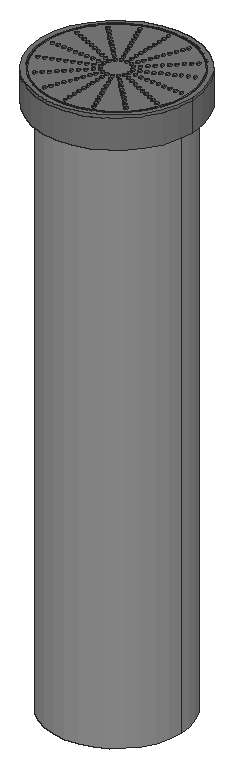
Revit family "Civil_Drainage_ACO_StormBrixx_Additional_Access_Chamber wm", category Generic Models, Revit 2013
Parameters
  pipe fitting = Generic Plastic Pipe
  e-mail technical = "technical@aco.co.uk"
  e-mail Sales = "customersupport@aco.co.uk"
  Watermarked With = "BIM Manager Premium Suite"
  Watermarked By = "www.aco.co.uk"
  Watermark 1 = "This file is the property of ACO Technologies PLC"
  Watermark 2 = "This file is water marked and users are prohibited to reproduce, adapt, distribute this information"
  Distributed by = "www.aco.co.uk"
  Current Revision = 1
  Manufacturer Address = "ACO Business Park, Hitchin Road, Shefford, Bedfordshire, SG17 5TE, United Kingdom"
  Access Module Weight (kg) = 32
  URL = "www.aco.co.uk"
  Type Comments = "Access Chamber Module"
  Telephone = "+44 (0)1462 816666"
  Access Module Recycled Material Content = "0%"
  Access Module Recyclable = "Fully Recyclable"
  Product Website = "www.stormbrixx.co.uk"
  Product Type = "Stormwater attenuation & infiltration"
  Product Range = "ACO StormBrixx"
  Access Module Product Code = "27034"
  Model = "StormBrixx accessories"
  Access Module Material = "High Density Polyethylene"
  Manufacturer = "ACO Technologies plc"
  Maintenance Guidelines = "http://www.aco.co.uk/download.php?id=493"
  Length = 600 mm
  Keynote = "R17:315"
  Installation Guidelines = "http://www.aco.co.uk/download.php?id=493"
  Height [instance] = 2000 mm
  Fax = "+44 (0)1462 815895"
  Access Module Dimensions = "594mm x 594mm x 610mm (LxWxH)"
  Description = "Access Chamber Module"
  Depth = 110 mm
  Cost = 0
  Access Module Colour = "Black"
  Assembly Code = "D2090300"
  Access Cover Weight (kg) = 38
  Access Cover Recycled Material Content = "Between 40% - 90%"
  Access Cover Recyclable = "Fully Recyclable"
  Access Cover Product Code = "314056"
  Access Cover Material = "Ductile Iron"
  Access Cover Dimensions = "528mm x 110mm (Diameter x Height)"
Reference planes
  plane 1 "Center (Front/Back)": y = 0
  plane 2: z = 0
  plane 3 "Center (Left/Right)": x = 0
  plane 4: y = 300
  plane 5: y = -300
  plane 6: x = -300
  plane 7: x = 300
  plane 8: z = -2000
  plane 9: z = -110
  plane 10: z = -10
  plane 11: z = -35
Forms (mm)
  Extrusion 1, solid, material "ACO_Ductile_IRON"
    sketch origin (0, 0, 0) x (1, 0, 0) y (0, 1, 0)
      loop
        circle (0, 0) r 264
    from -110 to -10
  Extrusion 2, solid, material "ACO_Ductile_IRON"
    sketch origin (0, 0, 0) x (1, 0, 0) y (0, 1, 0)
      loop
        circle (0, 0) r 247.017
    from -35 to 0
  Extrusion 3, solid, material "ACO_Ductile_IRON"
    sketch origin (0, 0, 0) x (1, 0, 0) y (0, 1, 0)
      loop
        circle (0, 0) r 264
      loop
        circle (0, 0) r 249
    from 0 to -35
  Extrusion 4, void, detail levels medium+fine
    sketch origin (0, 0, 0) x (0, 1, 0) y (1, 0, 0)
      loop
        circle (104.746, 0) r 5
      loop
        circle (84.746, 0) r 5
      loop
        circle (64.746, 0) r 5
      loop
        circle (44.746, 0) r 5
      loop
        circle (0, 0) r 245
      loop
        circle (0, -104.746) r 5
      loop
        circle (0, -84.746) r 5
      loop
        circle (0, -64.746) r 5
      loop
        circle (0, -44.746) r 5
      loop
        circle (-104.746, 0) r 5
      loop
        circle (-84.746, 0) r 5
      loop
        circle (-64.746, 0) r 5
      loop
        circle (-44.746, 0) r 5
      loop
        circle (0, 104.746) r 5
      loop
        circle (0, 84.746) r 5
      loop
        circle (0, 64.746) r 5
      loop
        circle (0, 44.746) r 5
      loop
        circle (74.067, 74.067) r 5
      loop
        circle (59.924, 59.924) r 5
      loop
        circle (45.782, 45.782) r 5
      loop
        circle (31.64, 31.64) r 5
      loop
        circle (96.773, 40.085) r 5
      loop
        circle (78.295, 32.431) r 5
      loop
        circle (59.817, 24.777) r 5
      loop
        circle (41.34, 17.124) r 5
      loop
        circle (40.085, 96.773) r 5
      loop
        circle (32.431, 78.295) r 5
      loop
        circle (24.777, 59.817) r 5
      loop
        circle (17.124, 41.34) r 5
      loop
        circle (74.067, -74.067) r 5
      loop
        circle (59.924, -59.924) r 5
      loop
        circle (45.782, -45.782) r 5
      loop
        circle (31.64, -31.64) r 5
      loop
        circle (96.773, -40.085) r 5
      loop
        circle (78.295, -32.431) r 5
      loop
        circle (59.817, -24.777) r 5
      loop
        circle (41.34, -17.124) r 5
      loop
        circle (40.085, -96.773) r 5
      loop
        circle (32.431, -78.295) r 5
      loop
        circle (24.777, -59.817) r 5
      loop
        circle (17.124, -41.34) r 5
      loop
        circle (-74.067, -74.067) r 5
      loop
        circle (-59.924, -59.924) r 5
      loop
        circle (-45.782, -45.782) r 5
      loop
        circle (-31.64, -31.64) r 5
      loop
        circle (-96.773, -40.085) r 5
      loop
        circle (-78.295, -32.431) r 5
      loop
        circle (-59.817, -24.777) r 5
      loop
        circle (-41.34, -17.124) r 5
      loop
        circle (-40.085, -96.773) r 5
      loop
        circle (-32.431, -78.295) r 5
      loop
        circle (-24.777, -59.817) r 5
      loop
        circle (-17.124, -41.34) r 5
      loop
        circle (-74.067, 74.067) r 5
      loop
        circle (-59.924, 59.924) r 5
      loop
        circle (-45.782, 45.782) r 5
      loop
        circle (-31.64, 31.64) r 5
      loop
        circle (-96.773, 40.085) r 5
      loop
        circle (-78.295, 32.431) r 5
      loop
        circle (-59.817, 24.777) r 5
      loop
        circle (-41.34, 17.124) r 5
      loop
        circle (-40.085, 96.773) r 5
      loop
        circle (-32.431, 78.295) r 5
      loop
        circle (-24.777, 59.817) r 5
      loop
        circle (-17.124, 41.34) r 5
      loop
        circle (152.205, 63.046) r 5
      loop
        circle (133.728, 55.392) r 5
      loop
        circle (115.25, 47.738) r 5
      loop
        circle (189.161, 78.353) r 5
      loop
        circle (170.683, 70.699) r 5
      loop
        circle (116.493, 116.493) r 5
      loop
        circle (102.351, 102.351) r 5
      loop
        circle (88.209, 88.209) r 5
      loop
        circle (158.919, 158.919) r 5
      loop
        circle (144.777, 144.777) r 5
      loop
        circle (130.635, 130.635) r 5
      loop
        circle (207.638, 86.007) r 5
      loop
        circle (164.746, 0) r 5
      loop
        circle (144.746, 0) r 5
      loop
        circle (124.746, 0) r 5
      loop
        circle (224.746, 0) r 5
      loop
        circle (204.746, 0) r 5
      loop
        circle (184.746, 0) r 5
      loop
        circle (66.33, 148.435) r 5
      loop
        circle (58.676, 129.958) r 5
      loop
        circle (51.023, 111.48) r 5
      loop
        circle (92.575, 200.098) r 5
      loop
        circle (84.921, 181.62) r 5
      loop
        circle (77.268, 163.143) r 5
      loop
        circle (0, 164.746) r 5
      loop
        circle (0, 144.746) r 5
      loop
        circle (0, 124.746) r 5
      loop
        circle (0, 224.746) r 5
      loop
        circle (0, 204.746) r 5
      loop
        circle (0, 184.746) r 5
      loop
        circle (-63.046, 152.205) r 5
      loop
        circle (-55.392, 133.728) r 5
      loop
        circle (-47.738, 115.25) r 5
      loop
        circle (-86.007, 207.638) r 5
      loop
        circle (-78.353, 189.161) r 5
      loop
        circle (-70.699, 170.683) r 5
      loop
        circle (-116.493, 116.493) r 5
      loop
        circle (-102.351, 102.351) r 5
      loop
        circle (-88.209, 88.209) r 5
      loop
        circle (-158.919, 158.919) r 5
      loop
        circle (-144.777, 144.777) r 5
      loop
        circle (-130.635, 130.635) r 5
      loop
        circle (-152.205, 63.046) r 5
      loop
        circle (-133.728, 55.392) r 5
      loop
        circle (-115.25, 47.738) r 5
      loop
        circle (-207.638, 86.007) r 5
      loop
        circle (-189.161, 78.353) r 5
      loop
        circle (-170.683, 70.699) r 5
      loop
        circle (-164.746, 0) r 5
      loop
        circle (-144.746, 0) r 5
      loop
        circle (-124.746, 0) r 5
      loop
        circle (-224.746, 0) r 5
      loop
        circle (-204.746, 0) r 5
      loop
        circle (-184.746, 0) r 5
      loop
        circle (-152.205, -63.046) r 5
      loop
        circle (-133.728, -55.392) r 5
      loop
        circle (-115.25, -47.738) r 5
      loop
        circle (-207.638, -86.007) r 5
      loop
        circle (-189.161, -78.353) r 5
      loop
        circle (-170.683, -70.699) r 5
      loop
        circle (-116.493, -116.493) r 5
      loop
        circle (-102.351, -102.351) r 5
      loop
        circle (-88.209, -88.209) r 5
      loop
        circle (-158.919, -158.919) r 5
      loop
        circle (-144.777, -144.777) r 5
      loop
        circle (-130.635, -130.635) r 5
      loop
        circle (-63.046, -152.205) r 5
      loop
        circle (-55.392, -133.728) r 5
      loop
        circle (-47.738, -115.25) r 5
      loop
        circle (-86.007, -207.638) r 5
      loop
        circle (-78.353, -189.161) r 5
      loop
        circle (-70.699, -170.683) r 5
      loop
        circle (0, -164.746) r 5
      loop
        circle (0, -144.746) r 5
      loop
        circle (0, -124.746) r 5
      loop
        circle (0, -224.746) r 5
      loop
        circle (0, -204.746) r 5
      loop
        circle (0, -184.746) r 5
      loop
        circle (63.046, -152.205) r 5
      loop
        circle (55.392, -133.728) r 5
      loop
        circle (47.738, -115.25) r 5
      loop
        circle (86.007, -207.638) r 5
      loop
        circle (78.353, -189.161) r 5
      loop
        circle (70.699, -170.683) r 5
      loop
        circle (116.493, -116.493) r 5
      loop
        circle (102.351, -102.351) r 5
      loop
        circle (88.209, -88.209) r 5
      loop
        circle (158.919, -158.919) r 5
      loop
        circle (144.777, -144.777) r 5
      loop
        circle (130.635, -130.635) r 5
      loop
        circle (152.205, -63.046) r 5
      loop
        circle (133.728, -55.392) r 5
      loop
        circle (115.25, -47.738) r 5
      loop
        circle (207.638, -86.007) r 5
      loop
        circle (189.161, -78.353) r 5
      loop
        circle (170.683, -70.699) r 5
    from 0 to 1
  Extrusion 5, solid, material "Generic Plastic Pipe" <- "pipe fitting"
    sketch origin (0, 0, 0) x (1, 0, 0) y (0, 1, 0)
      loop
        circle (0, 0) r 225
    from -2000 to -110
Cuts and joins
  Extrusion 4 cuts Extrusion 1
  Extrusion 4 cuts Extrusion 3
  joined: Extrusion 1, Extrusion 3
  Extrusion 4 cuts Extrusion 2
Dimensions and locks
  equal spacing: plane 6, plane 3 "Center (Left/Right)", plane 7
  "Length": plane 6 to plane 7
  equal spacing: plane 4, plane 1 "Center (Front/Back)", plane 5
  "Length": plane 5 to plane 4
  "Height": plane 2 to plane 8
  "Depth": plane 2 to plane 9
  locked: plane 2 to plane 10 at 10
  locked: plane 2 to plane 11 at 35
  aligned and locked: level to plane 2
  aligned and locked: Extrusion 5 to plane 8
  aligned and locked: plane 9 to Extrusion 5
  aligned and locked: cut or joined group of Extrusion 1, Extrusion 3, Extrusion 4 to plane 9
  aligned and locked: plane 10 to cut or joined group of Extrusion 1, Extrusion 3, Extrusion 4
  aligned and locked: Extrusion 2 to plane 11
  aligned and locked: plane 2 to cut or joined group of Extrusion 2, Extrusion 4
  aligned and locked: cut or joined group of Extrusion 1, Extrusion 3, Extrusion 4 to plane 11
  aligned and locked: plane 2 to cut or joined group of Extrusion 1, Extrusion 3, Extrusion 4
Automatic sketch dimensions
  plane 1 "Center (Front/Back)" to Extrusion 5 sketch curve = 0 mm
  Extrusion 5 sketch curve to plane 3 "Center (Left/Right)" = 0 mm
  plane 1 "Center (Front/Back)" to Extrusion 1 sketch curve = 0 mm
  plane 6 to Extrusion 1 sketch curve = 36 mm
  Extrusion 1 sketch curve to plane 3 "Center (Left/Right)" = 0 mm
  plane 6 to Extrusion 3 sketch curve = 36 mm
  Extrusion 3 sketch curve to plane 3 "Center (Left/Right)" = 0 mm
  plane 1 "Center (Front/Back)" to Extrusion 3 sketch curve = 0 mm
  Extrusion 3 sketch curve to Extrusion 3 sketch curve = 15 mm
  Extrusion 3 sketch curve to Extrusion 3 sketch curve = 0 mm  (x2)
  plane 1 "Center (Front/Back)" to Extrusion 2 sketch curve = 0 mm
  Extrusion 2 sketch curve to plane 3 "Center (Left/Right)" = 0 mm
  Extrusion 4 sketch curve to Extrusion 4 sketch curve = 0 mm  (x39)
  Extrusion 4 sketch curve to Extrusion 4 sketch curve = 17.124 mm  (x9)
  Extrusion 4 sketch curve to Extrusion 4 sketch curve = 7.654 mm  (x70)
  Extrusion 4 sketch curve to Extrusion 4 sketch curve = 14.517 mm  (x8)
  Extrusion 4 sketch curve to Extrusion 4 sketch curve = 9.7 mm  (x8)
  Extrusion 4 sketch curve to Extrusion 4 sketch curve = 3.406 mm  (x4)
  Extrusion 4 sketch curve to Extrusion 4 sketch curve = 14.142 mm  (x72)
  Extrusion 4 sketch curve to Extrusion 4 sketch curve = 18.478 mm  (x70)
  Extrusion 4 sketch curve to Extrusion 4 sketch curve = 20 mm  (x36)
  Extrusion 4 sketch curve to Extrusion 4 sketch curve = 10.938 mm  (x2)
  Extrusion 4 sketch curve to Extrusion 4 sketch curve = 14.708 mm  (x2)
  radius of Extrusion 5 sketch curve = 225 mm
  radius of Extrusion 2 sketch curve = 247.017 mm
  radius of Extrusion 4 sketch curve to Extrusion 2 = 2.017 mm
  radius of Extrusion 4 sketch curve = 5 mm  (x160)
